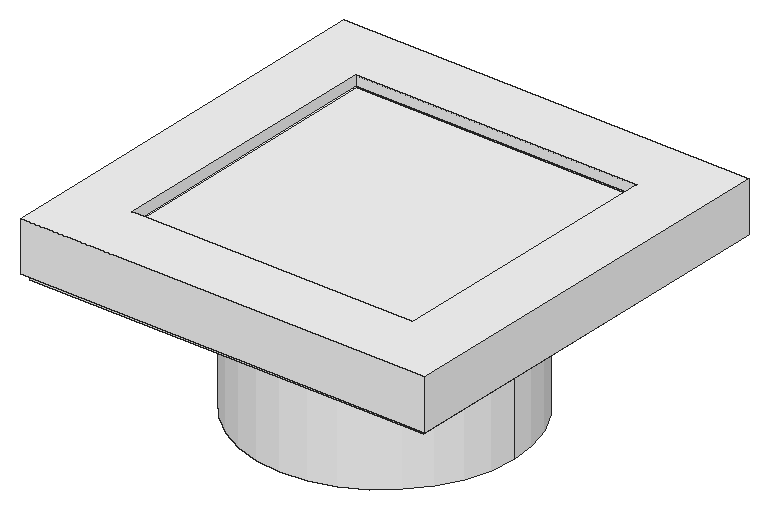
Revit family "Gira_012701", category Electrical Fixtures, host Face, Revit 2017
Family settings
  Host = Face
  Maintain Annotation Orientation = Yes
  Round Connector Dimension = Use Diameter
  Part Type = Normal
  Cut with Voids When Loaded = No
  Shared = No
  Room Calculation Point = No
Parameters (values of type "Tastschalter Kreuz System 55 Cremeweiß")
  Zusammenstellung = "Basiselement mit zentraler Abdeckplatte"
  White [instance] = White
  Werkstoffgüte = "sonstige"
  Werkstoff = "sonstige"
  Waschmaschinenschalter = "No"
  URL = "http://katalog.gira.de/de_DE/datenblatt.html?artikelnr=012701"
  Textfeld/Beschriftungsfläche = "nein"
  Tastschalter = "Yes"
  Schaltungsart = "Kreuzschalter"
  Rückmeldekontakt = "No"
  Region = "DE"
  RAL-Nummer (ähnlich) = "1013 "
  Oberfläche = "sonstige"
  Nennspannung = "250 Volt"
  Name = "Tastschalter Kreuz System 55 Cremeweiß"
  Montageart = "unter Putz"
  Model = "Sys55_Komplettgerät_Schalten und Tasten"
  Mit Montageplatte = "No"
  Manufacturer URL = "https://www.gira.de/"
  HeinzeBIM = "https://bimportal.heinze.de/bim/tastschalter-kreuz-system-55-cremeweiss/590ad552eb6a808f32a0e5b25e6e54e4afb30d59"
  Halogenfrei = "Yes"
  HAN = "012701"
  Geeignet für Schutzart (IP) = "IP20"
  GTIN = "4010337127017"
  Farbe = "cremeweiß (elektroweiß)"
  Default Elevation = 1219.2 mm
  Data sheet (1) = "https://katalog.gira.de/de_DE/download.html?artikelnr=012701"
  Category = "Installationsschalter"
  Bemessungsstrom = "10 Ampere"
  Beleuchtung = "nein"
  Befestigungsart = "Krallen-/Schraubbefestigung"
  Bedienungsart = "Wippe/Taste"
  Available = "Yes"
  Ausführung der Oberfläche = "glänzend"
  Anzahl der Module (bei Modulbauweise) = "1 "
  Anzahl der Betätigungswippen = "1 "
  Anschlussart = "Steckklemme"
Reference planes
  plane 1 "Center (Front/Back)": y = 0
  plane 2: z = 0
  plane 3 "Center (Left/Right)": x = 0
Forms (mm)
  Extrusion 1, solid, material "White" <- "White", detail levels medium
    sketch origin (0, 0, 0) x (1, 0, 0) y (0, 1, 0)
      loop
        line (-40.4, 40.4) -> (-40.4, -40.4) -> (40.4, -40.4) -> (40.4, 40.4) -> (-40.4, 40.4)
      loop
        line (-28, 28) -> (-28, -28) -> (28, -28) -> (28, 28) -> (-28, 28)
    from 0 to 10
  Extrusion 2, solid, material "White" <- "White", detail levels fine
    sketch origin (0, 0, 0) x (1, 0, 0) y (0, 1, 0)
      loop
        line (-40.4, 40.4) -> (-40.4, -40.4) -> (40.4, -40.4) -> (40.4, 40.4) -> (-40.4, 40.4)
      loop
        line (-28, 28) -> (-28, -28) -> (28, -28) -> (28, 28) -> (-28, 28)
    from 0 to 10
  Extrusion 3, void
    sketch origin (0, 0, 0) x (1, 0, 0) y (0, 1, 0)
      loop
        line (-38.4, 38.4) -> (-38.4, -38.4) -> (38.4, -38.4) -> (38.4, 38.4) -> (-38.4, 38.4)
    from 0 to 8
  Extrusion 4, solid, material "White" <- "White", detail levels medium+fine
    sketch origin (0, 0, 0) x (1, 0, 0) y (0, 1, 0)
      loop
        line (-39.4, 39.4) -> (-39.4, -39.4) -> (39.4, -39.4) -> (39.4, 39.4) -> (-39.4, 39.4)
    from 0 to -1
  Extrusion 5, solid, material "White" <- "White", detail levels medium+fine
    sketch origin (0, 0, 0) x (1, 0, 0) y (0, 1, 0)
      loop
        line (-35.5, 35.5) -> (-35.5, -35.5) -> (35.5, -35.5) -> (35.5, 35.5) -> (-35.5, 35.5)
    from -2 to -3
  Extrusion 6, solid, material "White" <- "White", detail levels medium+fine
    sketch origin (0, 0, 0) x (1, 0, 0) y (0, 1, 0)
      loop
        circle (0, 0) r 26
    from 0 to -27.5
  Extrusion 7, solid, material "White" <- "White", detail levels coarse
    sketch origin (0, 0, 0) x (1, 0, 0) y (0, 1, 0)
      loop
        line (-40.4, 40.4) -> (-40.4, -40.4) -> (40.4, -40.4) -> (40.4, 40.4) -> (-40.4, 40.4)
    from -27.5 to 10
Cuts and joins
  Extrusion 3 cuts Extrusion 2
Dimensions and locks
  aligned and locked: plane 2 to host face
  aligned and locked: level to host face
  aligned and locked: plane 3 "Center (Left/Right)" to nested 2
  aligned and locked: plane 1 "Center (Front/Back)" to nested 2
Nested families
  nested 1: "Sys55_Abdeckung_Schalten und Tasten_floor_base" at (0, 0, 0), type "Sys55_Abdeckung_Schalten und Tasten_floor_base"
  nested 2: "Schalter" at (0, 0, 0), type "Schalter"
Connectors
  electrical at (0, 0, -27.5)
    settings: on Extrusion 6, index 1, voltage 220 V, apparent load 0 VA, apparent load phase1 0 VA, apparent load phase2 0 VA, apparent load phase3 0 VA, power factor 1, load classification "Other", number of poles 1, system type 30, power factor state 1, is connector primary yes, connector utility no, sub classification motor no, connector description ""
Definition of nested family "Sys55_Abdeckung_Schalten und Tasten_floor_base"
  Parameters
    Default Elevation = 1219.2 mm
    White [instance] = none
  Reference planes
    plane 1 "Center (Front/Back)": y = 0
    plane 2: z = 0
    plane 3 "Center (Left/Right)": x = 0
  Forms (mm)
    Extrusion 1, solid
      sketch origin (0, 0, 0) x (1, 0, 0) y (0, 1, 0)
        loop
          line (-1219.2, 1219.2) -> (-1219.2, -1219.2) -> (1219.2, -1219.2) -> (1219.2, 1219.2) -> (-1219.2, 1219.2)
      from 0 to -304.8
    Extrusion 2, solid, material <- "White", detail levels fine
      sketch origin (0, 0, 0) x (1, 0, 0) y (0, 1, 0)
        loop
          line (-27.5, 27.5) -> (-27.5, -27.5) -> (27.5, -27.5) -> (27.5, 27.5) -> (-27.5, 27.5)
      from 0 to 8
    Extrusion 3, void
      sketch origin (0, 0, 0) x (1, 0, 0) y (0, 1, 0)
        loop
          line (26, 26) -> (-26, 26) -> (-26, -26) -> (26, -26) -> (26, 26)
      from 0 to 6
    Extrusion 4, solid, material <- "White", detail levels medium
      sketch origin (0, 0, 0) x (1, 0, 0) y (0, 1, 0)
        loop
          line (-27.5, 27.5) -> (-27.5, -27.5) -> (27.5, -27.5) -> (27.5, 27.5) -> (-27.5, 27.5)
      from 0 to 8
    Extrusion 5, solid, material <- "White", detail levels medium
      sketch origin (0, 0, 0) x (1, 0, 0) y (0, 1, 0)
        loop
          line (11, -17.5) -> (11, 17.5) -> (-11, 17.5) -> (-11, -17.5) -> (11, -17.5)
      from -6 to 6
    Extrusion 6, solid, material <- "White", detail levels fine
      sketch origin (0, 0, 0) x (1, 0, 0) y (0, 1, 0)
        loop
          line (11, 17.5) -> (-11, 17.5) -> (-11, 16.5) -> (11, 16.5) -> (11, 17.5)
        loop
          line (-11, -16.5) -> (-11, -17.5) -> (11, -17.5) -> (11, -16.5) -> (-11, -16.5)
      from -4 to 6
    Extrusion 7, solid, material <- "White", detail levels fine
      sketch origin (0, 0, 0) x (1, 0, 0) y (0, 1, 0)
        loop
          arc (5, 9.347) -> (0, 10.6) -> (-5, 9.347) r 10.6
          line (-5, 9.347) -> (-5, -9.347)
          arc (-5, -9.347) -> (0, -10.6) -> (5, -9.347) r 10.6
          line (5, -9.347) -> (5, 9.347)
      from -6 to 6
    Extrusion 8, solid, material <- "White", detail levels coarse
      sketch origin (0, 0, 0) x (1, 0, 0) y (0, 1, 0)
        loop
          line (-27.5, 27.5) -> (-27.5, -27.5) -> (27.5, -27.5) -> (27.5, 27.5) -> (-27.5, 27.5)
      from -6 to 8
  Cuts and joins
    Extrusion 3 cuts Extrusion 2
  Dimensions and locks
    aligned and locked: plane 2 to Extrusion 1
    aligned and locked: level to Extrusion 1
Definition of nested family "Schalter"
  Reference planes
    plane 1: y = 0
    plane 2: x = 0
  Lines and regions (mm)
    detail lines
      curve 1: circle (1.375, 2.778, 0) r 0.8 normal (0, 0, 1)
      curve 2: line (1.021, 2.061, 0) -> (0, 0, 0)
      curve 3: line (0, 0, 0) -> (-0.538, 0.266, 0)
  Dimensions and locks
    curve 2 to curve 2 = 2.3 mm
    curve 3 to curve 2 = 0.6 mm
    radius of curve 1 = 0.8 mm
